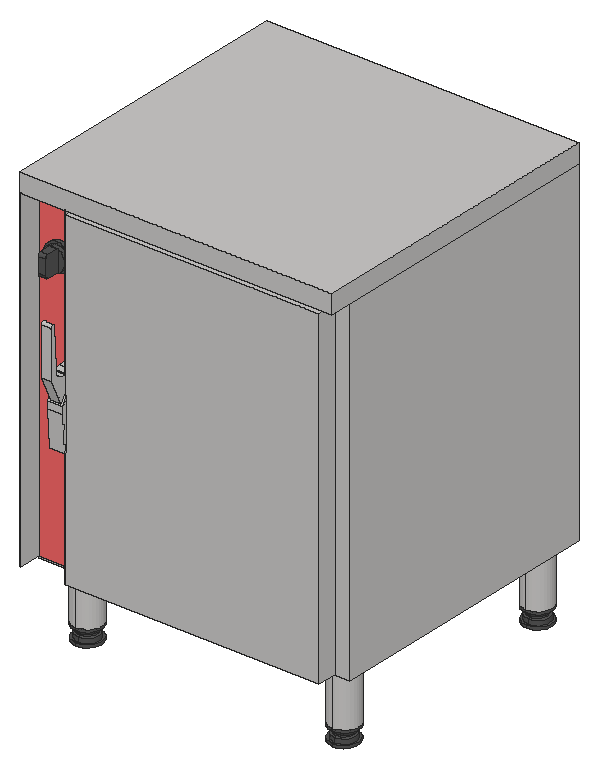
Revit family "ADB Etuve CES 6062", category Equipement spécialisé, Revit 2022
Family settings
  Cote de connecteur circulaire = Utiliser le diamètre
  Type d'élément = Normal
  Basée sur le plan de construction = Non
  Toujours verticalement = Oui
  Couper avec des vides une fois chargée = Non
  Conserver l'orientation des annotations = Non
  Partagée = Non
  Repère de localisation dans la pièce = Non
Parameters (values of type "CES 606")
  URL catalogue = ""
  URL = "https://www.ambassade-de-bourgogne.com/fr/produits/fours/Resources/CFE-606-CT.pdf"
  Type de Raccord Electrique = "Bornier 40A"  # constant formula
  Type article = ""
  Tension = 230 V  # constant formula
  Spécification du Fabricant = ""
  Remarques Electricité = "230V(MONO) commutable 400V(TRI)"  # constant formula
  Puissance électrique = 1800 W
  Profondeur [instance] = 677 mm
  Porte inversée [instance] = no
  Poids net à vide = 60.00 kg
  Phase = 1  # constant formula
  Nombres de Pôles = Phase  # 1
  Modèle = "CSE 606"
  Longueur [instance] = 650 mm
  Intensité nominale = 7.82 A
  Hauteur [instance] = 900 mm
  G [instance] = 600 mm
  Fréquence = 50 Hz
  Fabricant = "Société Industrielle  de Lacanche"  # constant formula
  Encombrements [instance] = yes
  Encombrement Porte inversée [instance] = and(Encombrements, Porte inversée)  # no
  Encombrement Porte standard [instance] = and(Encombrements, not(Porte inversée))  # yes
  Décalage poignée [instance] = if(Porte inversée, Longueur - 67 mm, 97 mm)  # 97 mm
  Décalage commandes [instance] = if(Porte inversée, Longueur - 45.5 mm, 48.5 mm)  # 48.5 mm
  Décalage bouton [instance] = if(Porte inversée, Longueur - 47 mm, 47 mm)  # 47 mm
  Description = "Etuve pour four CFE 606 CT"
  Connecteurs [instance] = yes
  Décalage porte [instance] = if(Porte inversée, 25 mm, 97 mm)  # 97 mm
  Elévation par défaut = 0 mm
  Commentaires du type = "Gamme Ambassade - Fours à convection forcée"
  F [instance] = 810 mm
Reference planes
  plane 1 "Centre (avant/arrière)": y = 0
  plane 2: z = 0
  plane 3 "Centre (gauche/droite)": x = 0
  plane 4 "Gauche": x = -325
  plane 5 "Arrière": y = 325
  plane 6 "Droite": x = 325
  plane 7 "Avant": y = -319
  plane 8 "dessous meuble": z = 155
  plane 9 "Dessus de plan": z = 900
  plane 10 "dessous plan": z = 860
  plane 11 "Face": y = -274
  plane 12 "porte gauche": x = -228
  plane 13 "Poignée": x = -228
  plane 14 "G": x = -275
  plane 15: y = 260
  plane 16: y = -798.3
  plane 17: z = 854.5
  plane 18: y = -270.3
  plane 19: x = 230.5
  plane 20: x = -276.5
  plane 21: y = -352
  plane 22 "F": z = 810
  plane 23: y = -320.5
  plane 24: y = -280.5
  plane 25 "J": z = 161.5
  plane 26 "Commandes": x = -231
  plane 27: x = -232.5
  plane 28 "Bouton": x = -278
Forms (mm)
  Extrusion 1, solid, material "ADB_Stainless Steel-Polished", detail levels medium+fine
    sketch origin (-228, 3.7, 0) x (0, 0, 1) y (0, -1, 0)
      loop
        line (161.5, 324.2) -> (161.5, 284.2) -> (854.5, 284.2) -> (854.5, 324.2) -> (161.5, 324.2)
    from 0 to 528
  Extrusion 2, solid, material "ADB_Stainless Steel-Polished", detail levels medium+fine
    sketch origin (-325, 0, 0) x (0, 1, 0) y (0, 0, 1)
      loop
        line (325, 900) -> (-319, 900) -> (-319, 860) -> (325, 860) -> (325, 900)
    from 0 to 650
  Extrusion 3, solid, material "ADB_Stainless Steel-Polished", detail levels medium+fine
    sketch origin (-325, 0, 0) x (0, 1, 0) y (0, 0, 1)
      loop
        line (325, 860) -> (-270.3, 860) -> (-270.3, 155) -> (325, 155) -> (325, 860)
    from 0 to 650
  Extrusion 4, solid, material "ADB_Stainless Steel-Polished", detail levels medium+fine
    sketch origin (-228, 1352.585, 971.771) x (0, 1, 0) y (0, 0, -1)
      loop
        line (-1682.584, 487.771) -> (-1682.584, 472.771) -> (-1669.084, 448.962) -> (-1669.084, 418.962) -> (-1651.571, 417.794) -> (-1641.585, 417.271) -> (-1641.585, 567.771) -> (-1651.571, 567.248) -> (-1677.585, 562.771) -> (-1682.584, 487.771)
    from 0 to 30
  Extrusion 5, solid, material "ADB_Stainless Steel-Polished", detail levels medium+fine
    sketch origin (-228, 1359.056, 971.271) x (0, 1, 0) y (0, 0, -1)
      loop
        line (-1702.14, 397.366) -> (-1701.409, 404.218)
        arc (-1701.409, 404.218) -> (-1697.298, 414.02) -> (-1687.725, 418.638) r 15
        line (-1687.725, 418.638) -> (-1675.556, 419.702) -> (-1675.556, 448.462) -> (-1687.585, 469.677) -> (-1711.056, 417.216) -> (-1711.056, 318.854)
        arc (-1711.056, 318.854) -> (-1709.227, 314.949) -> (-1705.056, 313.854) r 5.083
        line (-1705.056, 313.854) -> (-1702.14, 397.366)
    from 4.5 to 25.5
  Extrusion 6, solid, material "ADB_Network_Electricity_Yellow", visible <- "Connecteurs", detail levels medium+fine
    sketch origin (0, 325, 0) x (-1, 0, 0) y (0, 0, 1)
      loop
        circle (275, 810) r 10
    from 0 to 10
  Extrusion 7, solid, detail levels coarse
    sketch origin (0, 0, 155) x (-1, 0, 0) y (0, -1, 0)
      loop
        line (325, -325) -> (325, 352) -> (-325, 352) -> (-325, -325) -> (325, -325)
    from -155 to 745
  Revolve 8, solid, material "ADB_Stainless Steel-Polished", detail levels medium+fine
    sketch origin (-268.033, 14.318, 0) x (0, 1, 0) y (0, 0, 1)
      loop
        line (-258.968, 155) -> (-258.968, 34) -> (-258.968, 28.148) -> (-252.82, 22) -> (-248.857, 22) -> (-248.857, 16.488) -> (-253.001, 13.586) -> (-253.001, 5) -> (-258.492, 5) -> (-258.492, 0) -> (-229, 0) -> (-229, 155) -> (-258.968, 155)
      axis (-229, 0) -> (-229, 155)
    angle from 0 to 360
  Revolve 9, solid, material "ADB_Stainless Steel-Polished", detail levels medium+fine
    sketch origin (268.033, 14.318, 0) x (0, 1, 0) y (0, 0, -1)
      loop
        line (-258.968, -155) -> (-229, -155) -> (-229, 0) -> (-258.492, 0) -> (-258.492, -5) -> (-253.001, -5) -> (-253.001, -13.586) -> (-248.857, -16.488) -> (-248.857, -22) -> (-252.82, -22) -> (-258.968, -28.148) -> (-258.968, -34) -> (-258.968, -155)
      axis (-229, 0) -> (-229, -155)
    angle from 0 to 360
  Revolve 10, solid, material "ADB_Stainless Steel-Polished", detail levels medium+fine
    sketch origin (-268.033, 61.382, 0) x (0, -1, 0) y (0, 0, -1)
      loop
        line (-258.968, -155) -> (-229, -155) -> (-229, 0) -> (-258.492, 0) -> (-258.492, -5) -> (-253.001, -5) -> (-253.001, -13.586) -> (-248.857, -16.488) -> (-248.857, -22) -> (-252.82, -22) -> (-258.968, -28.148) -> (-258.968, -34) -> (-258.968, -155)
      axis (-229, 0) -> (-229, -155)
    angle from 0 to 360
  Revolve 11, solid, material "ADB_Stainless Steel-Polished", detail levels medium+fine
    sketch origin (268.033, 61.382, 0) x (0, -1, 0) y (0, 0, 1)
      loop
        line (-258.968, 155) -> (-258.968, 34) -> (-258.968, 28.148) -> (-252.82, 22) -> (-248.857, 22) -> (-248.857, 16.488) -> (-253.001, 13.586) -> (-253.001, 5) -> (-258.492, 5) -> (-258.492, 0) -> (-229, 0) -> (-229, 155) -> (-258.968, 155)
      axis (-229, 0) -> (-229, 155)
    angle from 0 to 360
  Extrusion 12, solid, material "ADB_Stainless Steel-Polished", detail levels medium+fine
    sketch origin (-1, -20.8, 293.939) x (-1, 0, 0) y (0, -1, 0)
      loop
        line (324, 249.5) -> (324, 298.2) -> (322, 298.2) -> (322, 252) -> (231.5, 252) -> (231.5, 298.2) -> (230, 298.2) -> (230, 249.5) -> (324, 249.5)
    from -132.439 to 566.061
Lines and regions (mm)
  symbolic lines, style "SpecialityEquipmentHiddenLines", visible <- "Encombrement Porte standard"
    curve 1: line (300, -274, 155) -> (300, -798.3, 155)
    curve 2: arc (-228, -270.3, 155) -> (-73.352, -643.652, 155) -> (300, -798.3, 155) r 528
  symbolic lines, style "SpecialityEquipmentHiddenLines", visible <- "Encombrement Porte inversée"
    curve 3: line (-228, -274, 155) -> (-228, -798.3, 155)
    curve 4: arc (300, -270.3, 155) -> (145.352, -643.652, 155) -> (-228, -798.3, 155) r 528
Dimensions and locks
  plane 7 "Avant" to plane 1 "Centre (avant/arrière)" to plane 5 "Arrière" = 319 mm, 325 mm
  equal spacing: plane 4 "Gauche", plane 3 "Centre (gauche/droite)", plane 6 "Droite"
  locked: plane 8 "dessous meuble" to plane 2 at 155
  locked: plane 9 "Dessus de plan" to plane 10 "dessous plan" at 40
  locked: plane 7 "Avant" to plane 11 "Face" at 45
  "Décalage poignée": plane 13 "Poignée" to plane 4 "Gauche"
  "Longueur": plane 4 "Gauche" to plane 6 "Droite"
  plane 5 "Arrière" to plane 7 "Avant" = 644 mm
  "G": plane 14 "G" to plane 6 "Droite"
  "Hauteur": plane 9 "Dessus de plan" to plane 2
  Extrusion 12 sketch curve to Extrusion 12 sketch curve to plane 20 to Extrusion 12 sketch curve to Extrusion 12 sketch curve = 2 mm locked, 46.5 mm locked, 44 mm locked, 1.5 mm locked
  "Décalage porte": plane 12 "porte gauche" to plane 4 "Gauche"
  "Décalage commandes": plane 4 "Gauche" to plane 20
  "Profondeur": plane 5 "Arrière" to plane 21
  plane 18 to plane 16 = 528 mm
  "F": plane 22 "F" to plane 2
  plane 20 to plane 14 "G" to plane 19 = 1.5 mm, 505.5 mm
  "Décalage bouton": plane 4 "Gauche" to plane 28 "Bouton"
  aligned and locked: level to plane 2
  aligned and locked: plane 14 "G" to Extrusion 6 sketch curve
  aligned and locked: plane 4 "Gauche" to Extrusion 7 sketch curve
  aligned and locked: Extrusion 7 sketch curve to plane 5 "Arrière"
  aligned and locked: plane 6 "Droite" to Extrusion 7 sketch curve
  aligned and locked: Extrusion 7 to Extrusion 5
  aligned and locked: Extrusion 7 to level
  aligned and locked: plane 9 "Dessus de plan" to Extrusion 7
  aligned and locked: Extrusion 2 to plane 6 "Droite"
  aligned and locked: Extrusion 3 to plane 6 "Droite"
  aligned and locked: plane 10 "dessous plan" to Extrusion 12
  aligned and locked: plane 5 "Arrière" to Extrusion 3
  aligned and locked: plane 22 "F" to Extrusion 6 sketch curve
  aligned and locked: plane 28 "Bouton" to nested 1
Automatic sketch dimensions
  plane 8 "dessous meuble" to Extrusion 1 sketch curve = 6.5 mm
  Extrusion 1 sketch curve to plane 7 "Avant" = 1.5 mm
  Extrusion 1 sketch curve to plane 11 "Face" = 6.5 mm
  Extrusion 4 sketch curve to plane 7 "Avant" = 11 mm
  Extrusion 4 sketch curve to plane 7 "Avant" = 6 mm
  plane 7 "Avant" to Extrusion 4 sketch curve = 2.5 mm
  plane 7 "Avant" to Extrusion 4 sketch curve = 20.014 mm  (x2)
  Extrusion 4 sketch curve to Extrusion 4 sketch curve = 9.986 mm
  Extrusion 4 sketch curve to Extrusion 4 sketch curve = 0.523 mm  (x2)
  Extrusion 4 sketch curve to Extrusion 4 sketch curve = 1.168 mm
  Extrusion 4 sketch curve to Extrusion 4 sketch curve = 30 mm
  Extrusion 4 sketch curve to Extrusion 4 sketch curve = 23.809 mm
  Extrusion 4 sketch curve to Extrusion 4 sketch curve = 15 mm
  Extrusion 4 sketch curve to Extrusion 4 sketch curve = 75 mm
  Extrusion 4 sketch curve to Extrusion 4 sketch curve = 4.477 mm
  plane 11 "Face" to Extrusion 12 sketch curve = 3.7 mm
  Extrusion 12 sketch curve to Extrusion 12 sketch curve = 2.5 mm
  Extrusion 12 sketch curve to plane 11 "Face" = 45 mm  (x2)
  Extrusion 2 sketch curve to plane 7 "Avant" = 0 mm
  Extrusion 2 sketch curve to plane 5 "Arrière" = 0 mm
  Extrusion 2 sketch curve to plane 10 "dessous plan" = 0 mm
  Extrusion 2 sketch curve to plane 9 "Dessus de plan" = 0 mm
  Extrusion 3 sketch curve to plane 10 "dessous plan" = 0 mm
  Extrusion 3 sketch curve to plane 18 = 0 mm
  Extrusion 3 sketch curve to plane 5 "Arrière" = 0 mm
  Extrusion 3 sketch curve to plane 8 "dessous meuble" = 0 mm
  curve 1 to plane 11 "Face" = 0 mm
  curve 1 to plane 16 = 0 mm
  curve 2 to plane 18 = 0 mm
  curve 4 to plane 18 = 0 mm
  curve 3 to plane 12 "porte gauche" = 0 mm
  curve 2 to plane 12 "porte gauche" = 0 mm
  curve 3 to plane 11 "Face" = 0 mm
  curve 4 to plane 16 = 0 mm
  Extrusion 7 sketch curve to plane 21 = 0 mm
  Revolve 8 sketch curve to plane 8 "dessous meuble" = 0 mm
  Revolve 8 sketch curve to level = 0 mm
  plane 18 to Revolve 8 sketch curve = 25.65 mm
  plane 18 to Revolve 8 sketch curve = 26.127 mm
  level to Revolve 8 sketch curve = 13.586 mm
  Revolve 8 sketch curve to Revolve 8 sketch curve = 5.491 mm
  Revolve 8 sketch curve to Revolve 8 sketch curve = 0.181 mm
  Revolve 8 sketch curve to Revolve 8 sketch curve = 3.964 mm
  Revolve 8 sketch curve to Revolve 8 sketch curve = 24.001 mm
  level to Revolve 8 sketch curve = 5 mm
  Revolve 8 sketch curve to Revolve 8 sketch curve = 2.902 mm
  Revolve 8 sketch curve to Revolve 8 sketch curve = 5.512 mm
  Revolve 8 sketch curve to Revolve 8 sketch curve = 6.148 mm
  Revolve 8 sketch curve to Revolve 8 sketch curve = 5.852 mm
  Revolve 8 sketch curve to Revolve 8 sketch curve = 0 mm
  Revolve 8 sketch curve to Revolve 8 sketch curve = 12 mm
  Revolve 8 sketch curve to Revolve 8 sketch curve = 19 mm
  Revolve 9 sketch curve to plane 8 "dessous meuble" = 0 mm
  Revolve 9 sketch curve to level = 0 mm
  plane 18 to Revolve 9 sketch curve = 25.65 mm
  plane 18 to Revolve 9 sketch curve = 26.127 mm
  level to Revolve 9 sketch curve = 13.586 mm
  Revolve 9 sketch curve to Revolve 9 sketch curve = 5.491 mm
  Revolve 9 sketch curve to Revolve 9 sketch curve = 0.181 mm
  Revolve 9 sketch curve to Revolve 9 sketch curve = 3.964 mm
  Revolve 9 sketch curve to Revolve 9 sketch curve = 24.001 mm
  Revolve 9 sketch curve to Revolve 9 sketch curve = 20.414 mm
  Revolve 9 sketch curve to Revolve 9 sketch curve = 5.852 mm
  Revolve 9 sketch curve to Revolve 9 sketch curve = 8.414 mm
  Revolve 9 sketch curve to Revolve 9 sketch curve = 2.902 mm
  level to Revolve 9 sketch curve = 5 mm
  Revolve 9 sketch curve to Revolve 9 sketch curve = 0 mm
  Revolve 9 sketch curve to Revolve 9 sketch curve = 19 mm
  Revolve 9 sketch curve to Revolve 9 sketch curve = 12 mm
  Revolve 10 sketch curve to plane 8 "dessous meuble" = 0 mm
  Revolve 10 sketch curve to level = 0 mm
  Revolve 10 sketch curve to plane 5 "Arrière" = 4.65 mm
  Revolve 10 sketch curve to plane 5 "Arrière" = 5.127 mm
  Revolve 10 sketch curve to Revolve 10 sketch curve = 5.491 mm
  Revolve 10 sketch curve to Revolve 10 sketch curve = 0.181 mm
  Revolve 10 sketch curve to Revolve 10 sketch curve = 3.964 mm
  Revolve 10 sketch curve to Revolve 10 sketch curve = 24.001 mm
  level to Revolve 10 sketch curve = 34 mm
  Revolve 10 sketch curve to Revolve 10 sketch curve = 5.852 mm
  Revolve 10 sketch curve to Revolve 10 sketch curve = 6.148 mm
  Revolve 10 sketch curve to Revolve 10 sketch curve = 5.512 mm
  Revolve 10 sketch curve to Revolve 10 sketch curve = 2.902 mm
  level to Revolve 10 sketch curve = 5 mm
  Revolve 10 sketch curve to Revolve 10 sketch curve = 0 mm
  Revolve 10 sketch curve to Revolve 10 sketch curve = 19 mm
  Revolve 10 sketch curve to Revolve 10 sketch curve = 12 mm
  Revolve 11 sketch curve to plane 8 "dessous meuble" = 0 mm
  Revolve 11 sketch curve to level = 0 mm
  Revolve 11 sketch curve to plane 5 "Arrière" = 4.65 mm
  Revolve 11 sketch curve to plane 5 "Arrière" = 5.127 mm
  Revolve 11 sketch curve to Revolve 11 sketch curve = 5.491 mm
  Revolve 11 sketch curve to Revolve 11 sketch curve = 0.181 mm
  Revolve 11 sketch curve to Revolve 11 sketch curve = 3.964 mm
  Revolve 11 sketch curve to Revolve 11 sketch curve = 24.001 mm
  level to Revolve 11 sketch curve = 5 mm
  Revolve 11 sketch curve to Revolve 11 sketch curve = 8.586 mm
  Revolve 11 sketch curve to Revolve 11 sketch curve = 2.902 mm
  Revolve 11 sketch curve to Revolve 11 sketch curve = 5.512 mm
  Revolve 11 sketch curve to Revolve 11 sketch curve = 6.148 mm
  Revolve 11 sketch curve to Revolve 11 sketch curve = 5.852 mm
  Revolve 11 sketch curve to Revolve 11 sketch curve = 0 mm
  Revolve 11 sketch curve to Revolve 11 sketch curve = 12 mm
  Revolve 11 sketch curve to Revolve 11 sketch curve = 19 mm
  Extrusion 1 sketch curve to plane 17 = 0 mm
  Extrusion 4 sketch curve to plane 17 = 300 mm
  Extrusion 5 sketch curve to plane 21 = 0 mm
  plane 21 to Extrusion 5 sketch curve = 5.083 mm
  Extrusion 5 sketch curve to Extrusion 5 sketch curve = 0.917 mm
  Extrusion 5 sketch curve to plane 23 = 8.169 mm
  Extrusion 5 sketch curve to plane 23 = 6.861 mm
  Extrusion 5 sketch curve to plane 23 = 8.029 mm
  plane 7 "Avant" to Extrusion 5 sketch curve = 2.5 mm
  plane 22 "F" to Extrusion 5 sketch curve = 152.583 mm
  Extrusion 5 sketch curve to Extrusion 5 sketch curve = 19.85 mm
  Extrusion 5 sketch curve to Extrusion 5 sketch curve = 21.215 mm
  Extrusion 5 sketch curve to Extrusion 5 sketch curve = 6.852 mm
  Extrusion 5 sketch curve to Extrusion 5 sketch curve = 78.512 mm
  Extrusion 5 sketch curve to Extrusion 5 sketch curve = 6.328 mm
  plane 21 to Extrusion 5 sketch curve = 8.916 mm
  Extrusion 5 sketch curve to Extrusion 5 sketch curve = 0.732 mm
  Extrusion 5 sketch curve to Extrusion 5 sketch curve = 1.065 mm
  Extrusion 5 sketch curve to Extrusion 5 sketch curve = 28.76 mm
  radius of Extrusion 6 sketch curve = 10 mm
Nested families
  nested 1: "Bouton" at (-278, -270.3, 740) x (1, 0, 0) z (0, -1, 0), type "Bouton", detail levels fine
Connectors
  electrical at (-275, 335, 810), driven by "Tension", driven by "Puissance électrique"
    settings: on Extrusion 6, index 1, voltage 230 V, apparent load 0 VA, apparent load phase1 1800 VA, apparent load phase2 0 VA, apparent load phase3 0 VA, power factor 1, load classification "Autre", number of poles 1, system type 30, power factor state 1, is connector primary yes, connector utility no, sub classification motor no, connector description ""
Definition of nested family "Bouton"
  Parameters (values of type "Bouton")
    Matériau base bouton = none
    Default Elevation = 1219.2 mm
  Reference planes
    plane 1 "Centre (avant/arrière)": y = 0
    plane 2: z = 0
    plane 3 "Centre (gauche/droite)": x = 0
  Forms (mm)
    Extrusion 1, solid
      sketch origin (0, 0, 0) x (1, 0, 0) y (0, 1, 0)
        loop
          line (-1219.2, 1219.2) -> (-1219.2, -1219.2) -> (1219.2, -1219.2) -> (1219.2, 1219.2) -> (-1219.2, 1219.2)
      from 0 to -304.8
    Extrusion 2, solid, material <- "Matériau base bouton", detail levels fine
      sketch origin (0, 0, 0) x (1, 0, 0) y (0, 1, 0)
        loop
          circle (0, 0) r 28.5
      from 0 to 11.5
    Extrusion 3, solid, detail levels fine
      sketch origin (0, 0, 0) x (1, 0, 0) y (0, 1, 0)
        loop
          circle (0, 0) r 24.1
      from 11.5 to 20.5
    Extrusion 4, solid, detail levels fine
      sketch origin (0, 0, 0) x (1, 0, 0) y (0, 0, 1)
        loop
          line (-8.082, 20.5) -> (8.082, 20.5) -> (7.58, 49.253)
          arc (7.58, 49.253) -> (6.684, 51.34) -> (4.581, 52.2) r 3
          line (4.581, 52.2) -> (-4.581, 52.2)
          arc (-4.581, 52.2) -> (-6.684, 51.34) -> (-7.58, 49.253) r 3
          line (-7.58, 49.253) -> (-8.082, 20.5)
      from -22.082 to 22.162
    Extrusion 5, void
      sketch origin (0, 0, 0) x (0, 1, 0) y (0, 0, 1)
        loop
          line (-15.762, 50.701) -> (15.682, 50.701)
          arc (15.682, 50.701) -> (20.208, 48.826) -> (22.082, 44.301) r 6.4
          line (22.082, 44.301) -> (22.082, 41.701) -> (24.232, 41.701) -> (24.232, 54.688) -> (-24.768, 54.688) -> (-24.768, 41.701) -> (-22.162, 41.701) -> (-22.162, 44.301)
          arc (-22.162, 44.301) -> (-20.287, 48.826) -> (-15.762, 50.701) r 6.4
      from -15.908 to 13.709
  Cuts and joins
    Extrusion 5 cuts Extrusion 4
  Lines and regions (mm)
    symbolic lines, detail levels fine
      curve 1: line (0, -28.5, 0) -> (0, 28.5, 0)
  Dimensions and locks
    aligned and locked: plane 2 to Extrusion 1
    aligned and locked: level to Extrusion 1
